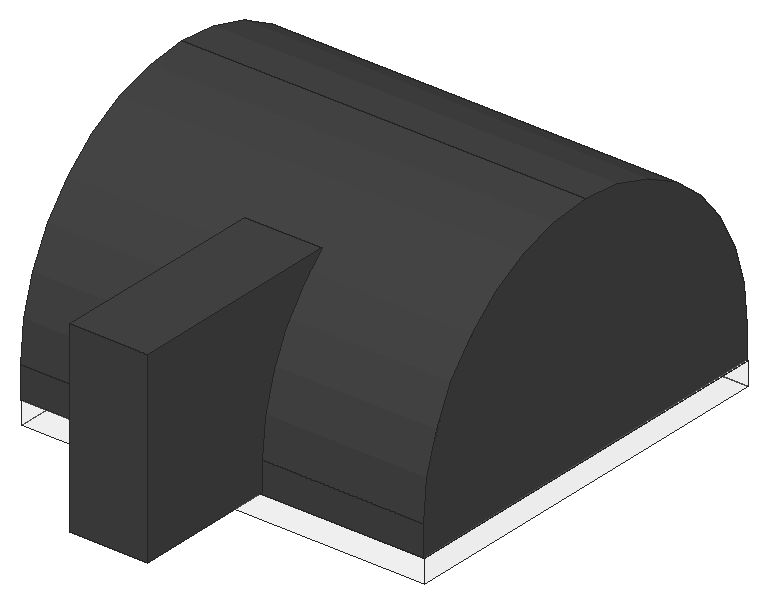
Revit family
Parameters (values of type "Wall-Mounted")
  Wattage = 150 W
  built-in parameter 1150110 = 1 (stored number, unit not read)
  built-in parameter 1114217 = 1 (stored number, unit not read)
  built-in parameter 1150109 = 1 (stored number, unit not read)
  built-in parameter 1150134 = 3
  built-in parameter 1150113 = 1 (stored number, unit not read)
  Lumens = 2700 lm
  built-in parameter 1150115 = 1 (stored number, unit not read)
  built-in parameter 1150105 = 859.44 (stored number, unit not read)
  Light Source Symbol Size = 609.6 mm
  built-in parameter 1150137 = (empty or 0)
  built-in parameter 1150139 = (empty or 0)
  Light Fixture Material = Metal - Black
  built-in parameter 1150112 = 1 (stored number, unit not read)
  built-in parameter 1150114 = 1 (stored number, unit not read)
  Lamp Glazing Material = Glass - Frosted White
  built-in parameter 1150132 = (empty or 0)
  built-in parameter 1150102 = (empty or 0)
  built-in parameter 1150138 = (empty or 0)
  built-in parameter 1150107 = 3200 (stored number, unit not read)
  built-in parameter 1150106 = 8.5944 (stored number, unit not read)
  Fixture Height = 1500 mm
  built-in parameter 1150104 = 1.6723 (stored number, unit not read)
  Dimming Lamp Color Temperature Shift = (empty or 0)
  Color Filter = 16777215
  built-in parameter 1114218 = 1 (stored number, unit not read)
  built-in parameter 1150133 = 10 (stored number, unit not read)
Reference planes
  plane 1: y = 0
  plane 2 "Light Source Axis (L/R)": x = 125
  plane 3 "Light Source Axis (F/B)": y = 100
  plane 4 "Light Source Elevation": z = 1423.889
  plane 5: z = 1500
  plane 6: y = 297
  plane 7: y = 75
  plane 8: y = 167
  plane 9: y = 427
Forms (mm)
  Extrusion 1, solid, material "Metal - Black" <- "Light Fixture Material"
    sketch origin (254.229, -351.348, -1116.111) x (0, 1, 0) y (0, 0, -1)
      loop
        line (778.348, -2555) -> (518.348, -2555) -> (518.348, -2575)
        arc (518.348, -2575) -> (556.424, -2666.924) -> (648.348, -2705) r 130
        arc (648.348, -2705) -> (740.272, -2666.924) -> (778.348, -2575) r 130
        line (778.348, -2575) -> (778.348, -2555)
    from 0 to 260
  Extrusion 2, solid, material "Glass - Frosted White" <- "Lamp Glazing Material"
    sketch origin (255, 45, -1116.111) x (0, 1, 0) y (0, 0, -1)
      loop
        line (382, -2540) -> (122, -2540) -> (122, -2555) -> (382, -2555) -> (382, -2540)
    from 0 to 260
  Extrusion 3, solid, material "Metal - Black" <- "Light Fixture Material"
    sketch origin (150, 45, -1116.111) x (0, -1, 0) y (0, 0, -1)
      loop
        line (-170.29, -2676.111) -> (-30, -2676.111) -> (-30, -2556.111) -> (-122, -2556.111) -> (-122, -2575)
        arc (-122, -2575) -> (-134.692, -2631.025) -> (-170.29, -2676.111) r 130
    from 0 to -50
Lines and regions (mm)
  Masking region 1
    outline origin (0, 0, 0) x (1, 0, 0) y (0, 1, 0)
      loop
        line (-5.771, 427) -> (-5.771, 167) -> (100, 167) -> (100, 75) -> (150, 75) -> (150, 167) -> (255, 167) -> (255, 427) -> (-5.771, 427)
  symbolic lines
    curve 1: line (-5.771, 427, 0) -> (255, 427, 0)
    curve 2: line (-5.771, 167, 0) -> (-5.771, 427, 0)
    curve 3: line (255, 427, 0) -> (255, 167, 0)
    curve 4: line (100, 215.29, 0) -> (150, 215.29, 0)
    curve 5: line (100, 75, 0) -> (100, 215.29, 0)
    curve 6: line (150, 75, 0) -> (100, 75, 0)
    curve 7: line (150, 215.29, 0) -> (150, 75, 0)
    curve 8: line (-5.771, 167, 0) -> (100, 167, 0)
    curve 9: line (255, 167, 0) -> (150, 167, 0)
Text (mm)
  text "Placement Side" at (-1787.139, 1116.779, 0), in view "Ref. Level"
  text "Placement Side" at (0, 2110.396, 2986.058), in view "Left"
  text "Placement Side" at (0, 628.478, 3011.967), in view "Right"
Dimensions and locks
  "Fixture Height": plane 5 to level
  locked: Extrusion 2 to Extrusion 2 at 15
  locked: plane 6 to plane 7 at 222
  locked: plane 8 to plane 7 at 92
  locked: plane 9 to plane 7 at 352
  locked: plane 5 to plane 4 "Light Source Elevation" at 76.111
  aligned and locked: plane 1 to host wall
  aligned and locked: Extrusion 2 to Extrusion 1
  aligned and locked: plane 2 "Light Source Axis (L/R)" to imposter light
  aligned and locked: plane 4 "Light Source Elevation" to Extrusion 2
  aligned and locked: plane 4 "Light Source Elevation" to imposter light
  aligned and locked: plane 6 to imposter light  (x2)
  aligned and locked: plane 7 to host wall
  aligned and locked: Extrusion 3 to plane 7
  aligned and locked: plane 8 to Extrusion 2
  aligned and locked: plane 9 to Extrusion 2
  aligned and locked: Extrusion 1 to Extrusion 2
  aligned and locked: plane 9 to Extrusion 1
  aligned and locked: Extrusion 1 to plane 8
  aligned and locked: Extrusion 3 sketch curve to Extrusion 1
  aligned and locked: curve 1 to Extrusion 2
  aligned and locked: curve 3 to Extrusion 2
  aligned and locked: Extrusion 3 to curve 4
  aligned and locked: curve 4 to Extrusion 3
  aligned and locked: curve 7 to Extrusion 3  (x2)
  aligned and locked: curve 8 to plane 8
  aligned and locked: curve 9 to Extrusion 2
  aligned and locked: curve 2 to Extrusion 1
  aligned and locked: Masking region 1 sketch curve to Extrusion 1
  aligned and locked: Masking region 1 sketch curve to Extrusion 2  (x4)
  aligned and locked: Masking region 1 sketch curve to Extrusion 3  (x3)
Automatic sketch dimensions
  Extrusion 1 sketch curve to Extrusion 1 sketch curve = 0 mm  (x2)
  Extrusion 1 sketch curve to plane 3 "Light Source Axis (F/B)" = 67 mm
  Extrusion 1 sketch curve to plane 5 = 41.111 mm
  Extrusion 1 sketch curve to Extrusion 1 sketch curve = 130 mm
  Extrusion 1 sketch curve to Extrusion 1 sketch curve = 20 mm
  Extrusion 2 sketch curve to plane 3 "Light Source Axis (F/B)" = 67 mm
  Extrusion 2 sketch curve to plane 5 = 61.111 mm
  Extrusion 2 sketch curve to Extrusion 2 sketch curve = 260 mm
  Extrusion 2 sketch curve to Extrusion 2 sketch curve = 15 mm
  Extrusion 3 sketch curve to host wall = 0 mm
  Extrusion 3 sketch curve to plane 5 = 60 mm
  plane 8 to Extrusion 3 sketch curve = 48.29 mm
